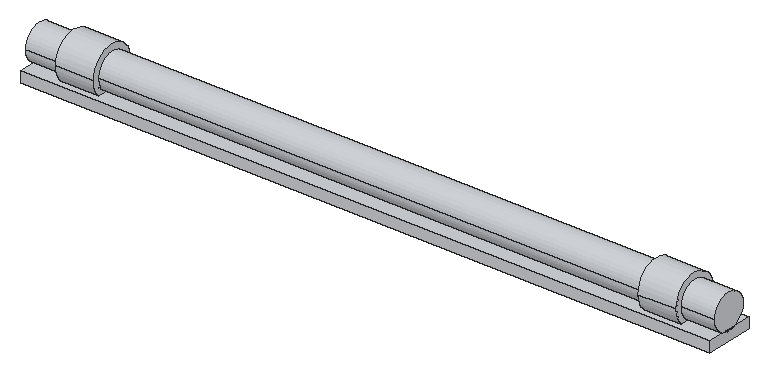
Revit family "GIS_BusModule", category Modelos genéricos, Revit 2027
Family settings
  Pode hospedar o vergalhão = Não
  Cota do conector redondo = Utilizar diâmetro
  Tipo de parte = Normal
  Com base no plano de trabalho = Não
  Sempre na vertical = Sim
  Corte com vazios quando carregada = Não
  Manter orientação da anotação = Não
  Compartilhado = Não
  Ponto de cálculo do ambiente = Não
Parameters (values of type "GIS_BUS_145KV_STUDY")
  Elevação padrão = 0 mm
  BIM_TensaoSecundaria_kV = 0
  BIM_TensaoNominal_kV = 138
  BIM_TensaoClasse_kV = 145
  BIM_TensaoClasseSecundaria_kV = 0
  BIM_Sistema_Elemento [instance] = ""
  BIM_ReferenciaCatalogo = "Portfolio estimate; bus current rating pending"
  BIM_Profundidade = 380 mm
  BIM_Potencia_MVA = 0
  BIM_Localizacao [instance] = ""
  BIM_Largura = 5400 mm
  BIM_Impedancia_pu = 0
  BIM_FonteGeometria = "Portfolio estimate; bus current rating pending"
  BIM_Fabricante = "NAO SELECIONADO"
  BIM_EstadoGeometria = "ESTIMATED"
  BIM_EstadoEspecificacao = "PREMISSA / NAO SELECIONADO"
  BIM_DescricaoEstudo = "Modulo de barramento GIS para arranjo de barras duplas."
  BIM_CorrenteReferenciaSecundaria_A = 0
  BIM_CorrenteNominal_A = 0
  BIM_Bay [instance] = ""
  BIM_AlturaCorpoPrincipal = 83.6 mm
  BIM_Altura = 380 mm
Reference planes
  plane 1 "Centro (Frente/Trás)": y = 0
  plane 2: z = 0
  plane 3 "Centro (Esquerda/Direita)": x = 0
  plane 4 "BIM Left": x = -2700
  plane 5 "BIM Right": x = 2700
  plane 6 "BIM Front": y = -190
  plane 7 "BIM Back": y = 190
Forms (mm)
  Extrusion 1, solid
    sketch origin (0, 0, 0) x (1, 0, 0) y (0, 1, 0)
      loop
        line (-2700, -190) -> (2700, -190) -> (2700, 190) -> (-2700, 190) -> (-2700, -190)
    from 0 to 83.6 <- "BIM_AlturaCorpoPrincipal"
  Extrusion 2, solid
    sketch origin (-2700, 0, 205.2) x (0, 1, 0) y (0, 0, 1)
      loop
        circle (0, 0) r 136.8
    from 0 to 5400
  Extrusion 3, solid
    sketch origin (-2430, 0, 205.2) x (0, 1, 0) y (0, 0, 1)
      loop
        circle (0, 0) r 180.576
      loop
        circle (0, 0) r 113.544
    from 0 to 297
  Extrusion 4, solid
    sketch origin (2133, 0, 205.2) x (0, 1, 0) y (0, 0, 1)
      loop
        circle (0, 0) r 180.576
      loop
        circle (0, 0) r 113.544
    from 0 to 297
Dimensions and locks
  "BIM_Largura": plane 4 "BIM Left" to plane 5 "BIM Right"
  "BIM_Profundidade": plane 6 "BIM Front" to plane 7 "BIM Back"
  aligned and locked: level to plane 2
  aligned and locked: plane 4 "BIM Left" to Extrusion 1
  aligned and locked: Extrusion 1 to plane 5 "BIM Right"
  aligned and locked: Extrusion 1 to plane 6 "BIM Front"
  aligned and locked: plane 7 "BIM Back" to Extrusion 1
Automatic sketch dimensions
  Extrusion 1 sketch curve to plane 4 "BIM Left" = 0 mm
  Extrusion 1 sketch curve to plane 5 "BIM Right" = 0 mm
  Extrusion 1 sketch curve to plane 6 "BIM Front" = 0 mm
  Extrusion 1 sketch curve to plane 7 "BIM Back" = 0 mm
  Extrusion 2 sketch curve to Extrusion 2 sketch curve = 0 mm  (x2)
  Extrusion 2 sketch curve to plane 1 "Centro (Frente/Trás)" = 0 mm
  level to Extrusion 2 sketch curve = 205.2 mm
  plane 6 "BIM Front" to Extrusion 2 sketch curve = 53.2 mm
  Extrusion 3 sketch curve to Extrusion 3 sketch curve = 0 mm  (x12)
  Extrusion 3 sketch curve to plane 1 "Centro (Frente/Trás)" = 0 mm
  level to Extrusion 3 sketch curve = 205.2 mm
  plane 6 "BIM Front" to Extrusion 3 sketch curve = 76.456 mm
  plane 6 "BIM Front" to Extrusion 3 sketch curve = 9.424 mm
  Extrusion 4 sketch curve to Extrusion 4 sketch curve = 0 mm  (x12)
  Extrusion 4 sketch curve to plane 1 "Centro (Frente/Trás)" = 0 mm
  level to Extrusion 4 sketch curve = 205.2 mm
  plane 6 "BIM Front" to Extrusion 4 sketch curve = 76.456 mm
  plane 6 "BIM Front" to Extrusion 4 sketch curve = 9.424 mm
